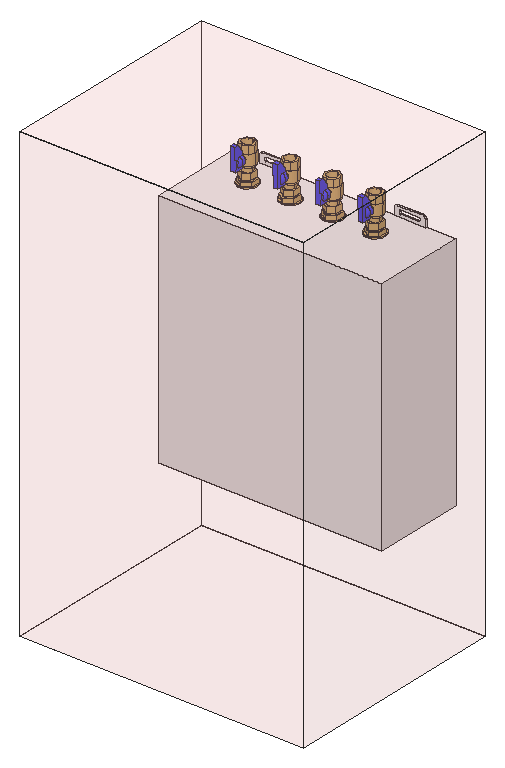
Revit family "MEP_HeatingInterface_FlamcoLtd_A1CIU_3-12KW", category Plumbing Fixtures, Revit 2016
Family settings
  Part Type = Normal
  Round Connector Dimension = Use Diameter
  Work Plane-Based = No
  Always vertical = Yes
  Cut with Voids When Loaded = No
  Shared = No
  Room Calculation Point = No
Parameters (values of type "A1CIU SP CIU 12Kw nom c/w case. BPCM")
  SpareParts = "https://flamcogroup.com/uk-en/page/service-support/meibes-spare-parts"
  ReturnTemperatureLimiter = "N/A"
  PressureIndependentControlValve = "NexusValve Vivax (min. p = 30 kPa) with thermo-electrical actuator (on/off)"
  PowerConsumption = 0 W
  PNRating = "PN10 (PN16 on request)"
  OverPressureReliefValveWithPressureGauge = "3 bar, secondary circuit"
  MinFlowRateToActicvateDomesticFlowSensor = 0 mm
  MaximumPercentageOfGlycol = "Refer to Flamco Technical Support For More Information +44 1744 744 744"
  InOutDepth = 40.5 mm
  InOut6 = 190 mm
  InOut5 = 160 mm
  InOut4 = 40 mm
  InOut3 = 50 mm
  InOut2 = 80 mm
  InOut1 = 200 mm
  Fix = 200 mm
  ElectronicControllerFrequency = "50hz"
  ElectricControllerSupply = "230v"
  ElecConPos = 200 mm
  ElecConDepth = 73 mm
  DutySecondaryCoolingReturnTemperature = "12 … 16 ºC"
  DutySecondaryCoolingFlowTemperature = "8 … 10ºC"
  DutySecondaryCoolingFlowRateRange = "700 … 2300 L/Hour"
  DrainPos = 255 mm
  DrainDepth = 70 mm
  d = 31.8 mm
  ZoneValve = "Fitted on primary pipework to control space cooling\r\ncooling interface unit providing cooling only)\""
  WarrantyStartDate = "Record on Commissioning"
  WarrantyGuarantorParts = "Flamco Ltd"
  WarrantyGuarantorLabour = "Flamco Ltd"
  WarrantyDurationUnit = "2 years"
  WarrantyDurationParts = "2 years"
  WarrantyDurationLabour = "2 years"
  WarrantyDescription = "https://flamcogroup.com/ex-en/page/terms-and-conditions"
  Version = "1"
  Uniclass2015Reference = "Ss_75_70_52_17"
  Uniclass2015Description = "Cooling system control systems"
  Under Floor heating Capability = yes
  Type Comments = "AI-GB00129"
  Type = "Cooling Interface Unit for indirect comfort cooling"
  TestPoints = "Fitted on primary flow and return"
  TagNumber = "Record on Commissioning"
  SustainabilityPerformance = "N/A"
  Strainer = "On primary Flow and secondary return"
  SolenoidValve(Optional) = "Primary Only"
  Size(WxDxH_Height_of_the_case) = "629 x 263 x 675mm"
  Size = "629 x 263 x 675"
  Shape = "cuboid"
  ServiceLifeDuration = "Record on Commissioning"
  SerialNumber = "Record on Commissioning"
  SensorPockets = "Primary flow and return for heat meter"
  SecondaryFluid = "Low pressure cold water"
  SecondaryCirculationPump = "N/A"
  ReturnWaterTemperatureCooling = "Dependent on flow temperature (refer to graphs in chapter 3 Technical Data V5)"
  ReplacementCost = "N/A"
  ReferenceStandard = "N/A"
  ProductionYear = "Record on Installation"
  ProductCode = "AI-GB00129"
  Process = "Heat distribution"
  PrimaryFluid = "Low pressure cold water"
  Pressure(MinimumSupplyWaterPressure) = "1 bar (Maximum PN10)"
  URL = "https://flamcogroup.com/uk-en/catalog/distribution-technology-by-meibes/district-heating-equipment/meibes-ciu-indirect-units-for-cooling/logocool-3-6-12-kw/groups/g+c+p+a+view"
  PlateHeatExchanger = "Stainless steel plate heat exchanger"
  Pipework = "Insulated flexible stainless steel with brass fittings"
  PatternNumber = "A1CIU SP CIU 12Kw nom c/w case. BPCM"
  PartNumber = "AI-GB00129"
  PackagingContent = "N/A"
  PEDCategory = "N/A"
  Output Range (P1, selectable) = "5 … 16 kW"
  NominalWidth = 630 mm
  NominalLength = 630 mm
  NominalHeight = 675 mm
  NominalDepth = 260 mm
  Name = "A1CIU SP CIU 12Kw nom c/w case. BPCM"
  NLRS_S_gewicht_bruto = 0.00 kg
  NLRS_P_volumestroom = 0.0 L/s
  NLRS_C_type_comments = "N/A"
  NLRS_C_revit_versie = "2016"
  NLRS_C_model = "N/A"
  NLRS_C_description = "N/A"
  NLRS_C_content_versie = "1"
  NLRS_C_content_datum_uitgifte = "N/A"
  NLRS_C_content_datum_gewijzigd = "N/A"
  NLRS_C_content_creator = "Alus Services Ltd"
  NLRS_C_code_leverancier_artikel = "N/A"
  NLRS_C_code_gtin = "N/A"
  NLRS_C_code_fabrikant_product = "N/A"
  NLRS_C_code_fabrikant_gln = "N/A"
  NLRS_C_code_SfB_tabel1 = "N/A"
  NLRS_C_code_ETIM_url = "N/A"
  NLRS_C_code_ETIM = "N/A"
  NLRS_C_code_CBNL_URL = "N/A"
  NLRS_C_code_CBNL = "N/A"
  NBSReference = "N/A"
  NBSOfficeMasterTag = "N/A"
  NBSObjectName = "N/A"
  NBSNote = "N/A"
  NBSDescription = "N/A"
  Mounting = "Wall Mounted"
  ModelReference = "A1CIU SP CIU 12Kw nom c/w case. BPCM"
  ModelNumber = "AI-GB00129"
  Model = "A1CIU SP CIU 12Kw nom c/w case. BPCM"
  MinTemperaturePrimary = 5 °C
  MinTemperature = "-15"
  MinPressure = "1 BAR"
  MinDifferentialPressure = 30000.0 Pa
  MaximumSecondaryPressure = "PN10 (restricted to 3 bar by over pressure relief valve)"
  MaximumPrimaryPressure = "PN10 (PN16 on request)"
  MaxTemperaturePrimary = 9 °C
  MaxTemperature = "N/A"
  MaxPressure@Maxtemperature = "PN10 (PN16 on request)"
  MaxPressure = 30000.0 Pa
  MaxDifferentialPressure = 400000.0 Pa
  Max Flow = 0.33 L/s
  Material = "Insulated flexible stainless steel with brass fittings"
  ManufacturingAddress = "Flamco UK Ltd, Washway Lane, St Helens, WA10 6PB"
  ManufacturerName = "Flamco Limited"
  Manufacturer = "Flamco Limited"
  Maintenance = "Annual Inspection"
  LossFactor = 0
  LifeCyclePhase = "N/A"
  InstallationDate = "Record On Installation"
  IfcExportType = "IfcHeatExchangerType"
  IfcExportAs = "IfcEnergyConversionDevice"
  HeatTransferCapacity = "18kW @ 30K ΔT (10kW@20K ΔT)"
  HeatMeter = "Optional - Rossweiner HeatSonic, Mains powered, M-Bus interface (Cooling Mode)"
  Grade = "N/A"
  FluidTemperatureReturn = "Dependent on flow temperature (refer to graphs in chapter 3 Technical Data V5)"
  FluidTemperatureFlow = "5 … 9ºC"
  FlowRateRange = "850 … 2050 L/Hour"
  Finish = "N/A"
  FilledWeight = "N/A"
  Features = "Small dimensions, Sealed case (vapour proof) - including all external connections - to avoid condensation, 30mm internal insulation, Successfully tested at room temperatures >30°C and up to 90% humidity, Supplied with silica gel pads to collect any condensation that occurs after commissioning or inspection, Selectable duty offering a range of different outputs, easy to setup, Case with lift-off latches making it easy to open in confined spaces, Top entry connections, Stainless steel expansion vessel (secondary circuit), Ultrasonic heat meter (cooling mode) with M-Bus connectivity, A-rated circulation pump (secondary circuit"
  ExternalConnections = "Female 1\" threaded"
  ExpectedLife = "Record on installation"
  ExpansionVessel = "2 Litre Fitted in secondary flow"
  EnvironmentalProductDeclaration = "N/A"
  EmbodiedCarbon = "N/A"
  EANCode = "4016715036322"
  DurationUnit = "Record on installation"
  DryWeight = "N/A"
  DocumentationTechnical = "N/A"
  DocumentationMaintenance = "N/A"
  DocumentationLiterature = "N/A"
  DocumentationInstallationGuide = "N/A"
  DocumentationCertificates = "N/A"
  Description = "A1CIU SP CIU 12Kw nom c/w case. BPCM"
  CreatedOn = "16/05/18"
  CreatedBy = "Alus Services Ltd"
  Cooling System = "2 pipe flow"
  Controls = "External"
  Constituents = "N/A"
  ConnectionType = "Female 1\" threaded"
  Component_Material = "STAINLESS STEEL WITH BRASS FITINGS"
  Color = "White"
  CodePerformance = "N/A"
  ClearanceZone = yes
  ClearanceTB = "300mm"
  Category = "HVAC"
  CasingMaterial = "Sheet Steel"
  CasingFinish = "White powder coated sheet steel"
  BarCode = "4016715036322"
  clearance = 300 mm
  BIMObjectName = "MEP_HeatingInterface_FlamcoLtd_A1CIU_3-12KW"
  AssetType = "Fixed"
  AssetIdentifier [instance] = "Record on commissioning"
  Assembly Code = "D3040500"
  Approvals = "WRAS, CE"
  Application fluids = "Low pressure cold water"
  AirVents = "Fitted"
  6kWText = no
  3kWText = no
  12kWText = yes
Types (3, lengths in mm): name | PressureIndependentControlValve | DutySecondaryCoolingFlowRateRange | DrainPos | DrainDepth | ZoneValve | Type Comments | ProductCode | PatternNumber | PartNumber | Output Range (P1, selectable) | Name | ModelReference | ModelNumber | Model | FlowRateRange | Features | EANCode | Description | BarCode | 6kWText | 3kWText | 12kWText
  A1CIU SP CIU 6Kw nominal  c/w case BPCM | "NexusValve Vivax  (min. p = 30 kPa) with thermo-electrical actuator (on/off)" | "250 ... 1730 L/Hour" | 233 | 40.5 | "\"Fitted on primary pipework to control space cooling\r\ncooling interface unit providing cooling only)\"" | "AI-GB00130" | "AI-GB00130" | "A1CIU SP CIU 6Kw nominal  c/w case BPCM" | "AI-GB00130" | "2 … 12 kW" | "A1CIU SP CIU 6Kw nominal  c/w case BPCM" | "A1CIU SP CIU 6Kw nominal  c/w case BPCM" | "AI-GB00130" | "A1CIU SP CIU 6Kw nominal  c/w case BPCM" | "450 … 1150 L/Hour" | "Small dimensions, Sealed case (vapour proof) - including all external connections - to avoid condensation, 30mm internal insulation, Successfully tested at room temperatures >30°C and up to 90% humidity, Supplied with silica gel pads to collect any condensation that occurs after commissioning or inspection, Selectable duty offering a range of different outputs, easy to setup, Case with lift-off latches making it easy to open in confined spaces, Top entry connections, Stainless steel expansion vessel (secondary circuit), Ultrasonic heat meter (cooling mode) with M-Bus connectivity, A-rated circulation pump (secondary circuit)" | "4016715028426" | "A1CIU SP CIU 6Kw nominal  c/w case BPCM" | "4016715028426" | yes | no | no
  A1CIU SP CIU 12Kw nom c/w case. BPCM | "NexusValve Vivax (min. p = 30 kPa) with thermo-electrical actuator (on/off)" | "700 … 2300 L/Hour" | 255 | 70 | "Fitted on primary pipework to control space cooling\r\ncooling interface unit providing cooling only)\"" | "AI-GB00129" | "AI-GB00129" | "A1CIU SP CIU 12Kw nom c/w case. BPCM" | "AI-GB00129" | "5 … 16 kW" | "A1CIU SP CIU 12Kw nom c/w case. BPCM" | "A1CIU SP CIU 12Kw nom c/w case. BPCM" | "AI-GB00129" | "A1CIU SP CIU 12Kw nom c/w case. BPCM" | "850 … 2050 L/Hour" | "Small dimensions, Sealed case (vapour proof) - including all external connections - to avoid condensation, 30mm internal insulation, Successfully tested at room temperatures >30°C and up to 90% humidity, Supplied with silica gel pads to collect any condensation that occurs after commissioning or inspection, Selectable duty offering a range of different outputs, easy to setup, Case with lift-off latches making it easy to open in confined spaces, Top entry connections, Stainless steel expansion vessel (secondary circuit), Ultrasonic heat meter (cooling mode) with M-Bus connectivity, A-rated circulation pump (secondary circuit" | "4016715036322" | "A1CIU SP CIU 12Kw nom c/w case. BPCM" | "4016715036322" | no | no | yes
  A1CIU SP CIU 3Kw nominal  c/w case BPCM | "NexusValve Vivax (min. p = 30 kPa) with thermo-electrical actuator (on/off)" | "100 ... 800 L/Hour" | 233 | 40.5 | "Fitted on primary pipework to control space cooling\r\ncooling interface unit providing cooling only)\"" | "AI-GB00131" | "AI-GB00131" | "A1CIU SP CIU 3Kw nominal  c/w case BPCM" | "AI-GB00131" | "1 … 5 kW" | "A1CIU SP CIU 3Kw nominal  c/w case BPCM" | "A1CIU SP CIU 3Kw nominal  c/w case BPCM" | "AI-GB00131" | "A1CIU SP CIU 3Kw nominal  c/w case BPCM" | "100 … 450 L/Hour" | "Small dimensions, Sealed case (vapour proof) - including all external connections - to avoid condensation, 30mm internal insulation, Successfully tested at room temperatures >30°C and up to 90% humidity, Supplied with silica gel pads to collect any condensation that occurs after commissioning or inspection, Selectable duty offering a range of different outputs, easy to setup, Case with lift-off latches making it easy to open in confined spaces, Top entry connections, Stainless steel expansion vessel (secondary circuit), Ultrasonic heat meter (cooling mode) with M-Bus connectivity, A-rated circulation pump (secondary circuit" | "4016715060174" | "A1CIU SP CIU 3Kw nominal  c/w case BPCM" | "4016715060174" | no | yes | no
Reference planes
  plane 1 "Center (Front/Back)": y = 0
  plane 2 "ref": z = 0
  plane 3 "Center (Left/Right)": x = 0
  plane 4: y = 14
  plane 5: y = -330
  plane 6 "casemiddle": z = 520
  plane 7 "casetop": z = 675
  plane 8: x = 315
  plane 9: x = -315
  plane 10 "IDENT": y = 130
  plane 11 "hiu_front": y = -130
  plane 12: x = 40
  plane 13: y = 40.5
  plane 14 "system_connection": z = -2
  plane 15: x = -145
  plane 16: x = -80
  plane 17: x = -200
  plane 18: x = 160
  plane 19 "valve_con": z = 778
  plane 20 "elec_cons": z = -45
  plane 21: x = -235.049
  plane 22: z = 703.5
  plane 23: x = -187.574
  plane 24: z = 689.2
  plane 25: z = 695.2
  plane 26: z = 683.2
  plane 27: x = -159
  plane 28: x = -221.049
  plane 29: x = -215.049
  plane 30: x = -165
  plane 31: x = 235
  plane 32: z = 689.2
  plane 33: z = 695.2
  plane 34: z = 683.2
  plane 35: x = 221
  plane 36: x = 158.951
  plane 37: x = 164.951
  plane 38: x = 215
Forms (mm)
  Extrusion 1, solid, material "Clearance Zone", visible <- "ClearanceZone", detail levels fine
    sketch origin (0, 375.889, 1767) x (0, 1, 0) y (0, 0, 1)
      loop
        line (-888.389, -792) -> (-888.389, -2069) -> (-245.889, -2069) -> (-245.889, -792) -> (-888.389, -792)
    from -400 to 400
  Extrusion 2, solid, material "Flamco Body White", detail levels medium+fine
    sketch origin (15.251, 39.905, 120) x (-1, 0, 0) y (0, -1, 0)
      loop
        line (330.251, -90.095) -> (330.251, 169.905) -> (-299.749, 169.905) -> (-299.749, -90.095) -> (330.251, -90.095)
    from -120 to 555
  Extrusion 3, solid, material "Flamco Body White", detail levels medium+fine
    sketch origin (0, 130, 0) x (-1, 0, 0) y (0, 0, 1)
      loop
        line (225.049, 703.5) -> (155, 703.5)
        arc (155, 703.5) -> (147.929, 700.571) -> (145, 693.5) r 10
        line (145, 693.5) -> (145, 675) -> (235.049, 675) -> (235.049, 693.5)
        arc (235.049, 693.5) -> (232.12, 700.571) -> (225.049, 703.5) r 10
      loop
        arc (165, 695.2) -> (159, 689.2) -> (165, 683.2) r 6
        line (165, 683.2) -> (215.049, 683.2)
        arc (215.049, 683.2) -> (221.049, 689.2) -> (215.049, 695.2) r 6
        line (215.049, 695.2) -> (165, 695.2)
    from 0 to -3
  Extrusion 4, solid, material "Flamco Body White", detail levels medium+fine
    sketch origin (380, 130, 0) x (-1, 0, 0) y (0, 0, 1)
      loop
        line (225.049, 703.5) -> (157, 703.5)
        arc (157, 703.5) -> (149.929, 700.571) -> (147, 693.5) r 10
        line (147, 693.5) -> (147, 675) -> (235.049, 675) -> (235.049, 693.5)
        arc (235.049, 693.5) -> (232.12, 700.571) -> (225.049, 703.5) r 10
      loop
        arc (165, 695.2) -> (159, 689.2) -> (165, 683.2) r 6
        line (165, 683.2) -> (215.049, 683.2)
        arc (215.049, 683.2) -> (221.049, 689.2) -> (215.049, 695.2) r 6
        line (215.049, 695.2) -> (165, 695.2)
    from 0 to -3
Lines and regions (mm)
  model lines
    curve 1: line (-315, 130, 675) -> (315, 130, 675)
    curve 2: line (-315, 130, -0.309) -> (-315, 130, 675)
    curve 3: line (315, 130, -0.309) -> (-315, 130, -0.309)
    curve 4: line (315, 130, 675) -> (315, 130, -0.309)
    curve 9: line (-197.991, 130, -45) -> (-197.991, 130, 0)
    curve 10: line (-202.053, 130, -45) -> (-202.053, 130, -0.309)
    curve 11: line (233, 130, -27) -> (233, 130, -0.309)
  model lines, detail levels coarse
    curve 5: line (-200, 130, 778) -> (-200, 130, 675)
    curve 6: line (-80, 130, 778) -> (-80, 130, 675)
    curve 7: line (40, 130, 778) -> (40, 130, 675)
    curve 8: line (160, 130, 778) -> (160, 130, 675)
Dimensions and locks
  equal spacing: plane 10 "IDENT", plane 1 "Center (Front/Back)", plane 11 "hiu_front"
  "NominalDepth": plane 10 "IDENT" to plane 11 "hiu_front"
  equal spacing: plane 9, plane 3 "Center (Left/Right)", plane 8
  "NominalWidth": plane 9 to plane 8
  plane 3 "Center (Left/Right)" to plane 12 to plane 8 = 40 mm, 275 mm
  "clearance": Extrusion 1 to plane 14 "system_connection"
  plane 10 "IDENT" to Extrusion 1 = 642.5 mm
  "clearance": plane 14 "system_connection" to Extrusion 1
  "NominalHeight": plane 7 "casetop" to plane 2 "ref"
  "InOutDepth": plane 1 "Center (Front/Back)" to plane 13
  "InOut1": plane 17 to plane 3 "Center (Left/Right)"
  "NominalHeight": nested 1 to level
  "NominalHeight": nested 2 to level
  "NominalHeight": nested 3 to level
  "NominalHeight": nested 4 to level
  "InOut5": plane 3 "Center (Left/Right)" to nested 4  (x2)
  "InOut2": nested 2 to plane 3 "Center (Left/Right)"  (x2)
  "InOut4": plane 3 "Center (Left/Right)" to nested 3
  "InOut1": nested 1 to plane 3 "Center (Left/Right)"
  "DrainDepth": plane 1 "Center (Front/Back)" to nested 6
  "DrainPos": plane 3 "Center (Left/Right)" to nested 6
  "ElecConPos": nested 5 to plane 3 "Center (Left/Right)"
  "ElecConDepth": nested 5 to plane 1 "Center (Front/Back)"
  "ElecConDepth": connector elem to plane 1 "Center (Front/Back)"  (x2)
  plane 3 "Center (Left/Right)" to Extrusion 1 = 400 mm
  Extrusion 1 to plane 3 "Center (Left/Right)" = 400 mm
  Extrusion 2 to plane 3 "Center (Left/Right)" = 315 mm
  "InOut5": connector elem to plane 3 "Center (Left/Right)"
  "InOut4": connector elem to plane 3 "Center (Left/Right)"
  "InOut2": plane 3 "Center (Left/Right)" to connector elem
  "InOut1": connector elem to plane 3 "Center (Left/Right)"
  "InOutDepth": plane 1 "Center (Front/Back)" to nested 1
  "InOutDepth": connector elem to plane 1 "Center (Front/Back)"  (x4)
  "InOutDepth": nested 2 to plane 1 "Center (Front/Back)"
  "InOutDepth": plane 1 "Center (Front/Back)" to nested 3
  "InOutDepth": plane 1 "Center (Front/Back)" to nested 4
  "clearance": Extrusion 1 to Extrusion 2
  aligned and locked: level to plane 2 "ref"
  aligned and locked: plane 7 "casetop" to curve 1
  aligned and locked: Extrusion 2 to curve 4
  aligned and locked: plane 22 to Extrusion 3 sketch curve
  aligned and locked: Extrusion 3 sketch curve to plane 21
  aligned and locked: Extrusion 3 sketch curve to plane 7 "casetop"
  aligned and locked: plane 15 to Extrusion 3 sketch curve
  aligned and locked: curve 6 to nested 2
  aligned and locked: curve 2 to plane 9
Automatic sketch dimensions
  plane 5 to Extrusion 1 sketch curve = 182.5 mm
  plane 10 "IDENT" to Extrusion 1 sketch curve = 0 mm
  Extrusion 1 sketch curve to plane 20 "elec_cons" = 257 mm
  plane 19 "valve_con" to Extrusion 1 sketch curve = 197 mm
  Extrusion 2 sketch curve to plane 8 = 0 mm
  Extrusion 2 sketch curve to plane 9 = 0 mm
  Extrusion 2 sketch curve to plane 10 "IDENT" = 0 mm
  Extrusion 2 sketch curve to plane 11 "hiu_front" = 0 mm
  Extrusion 4 sketch curve to plane 7 "casetop" = 0 mm
  Extrusion 4 sketch curve to plane 22 = 0 mm
  Extrusion 4 sketch curve to plane 33 = 0 mm
  Extrusion 4 sketch curve to plane 38 = 0 mm
  Extrusion 4 sketch curve to plane 34 = 0 mm
  Extrusion 4 sketch curve to plane 37 = 0 mm
  Extrusion 4 sketch curve to plane 31 = 2 mm
  Extrusion 4 sketch curve to plane 33 = 1.7 mm  (x2)
  Extrusion 4 sketch curve to plane 36 = 4 mm
  Extrusion 3 sketch curve to plane 25 = 0 mm
  Extrusion 3 sketch curve to plane 30 = 0 mm
  Extrusion 3 sketch curve to plane 26 = 0 mm
  Extrusion 3 sketch curve to plane 29 = 0 mm
  Extrusion 3 sketch curve to plane 25 = 1.7 mm  (x2)
  curve 8 to plane 18 = 0 mm
  curve 7 to plane 12 = 0 mm
  curve 9 to level = 0 mm
  curve 9 to plane 20 "elec_cons" = 0 mm
  curve 5 to plane 17 = 0 mm
  curve 10 to plane 20 "elec_cons" = 0 mm
  curve 6 to plane 19 "valve_con" = 0 mm
  curve 5 to plane 19 "valve_con" = 0 mm
  curve 7 to plane 19 "valve_con" = 0 mm
  curve 8 to plane 19 "valve_con" = 0 mm
  curve 11 to level = 0.309 mm
  curve 11 to plane 31 = 2 mm
  plane 17 to curve 9 = 2.009 mm
  curve 10 to plane 17 = 2.053 mm
  plane 20 "elec_cons" to curve 11 = 18 mm
Nested families
  nested 1: "cooling_valve" at (-200, 40.5, 675), type "cooling_valve", detail levels medium+fine
  nested 2: "cooling_valve" at (-80, 40.5, 675), type "cooling_valve", detail levels medium+fine
  nested 3: "cooling_valve" at (40, 40.5, 675), type "cooling_valve", detail levels medium+fine
  nested 4: "cooling_valve" at (160, 40.5, 675), type "cooling_valve", detail levels medium+fine
  nested 5: "cooling_elec" at (-200, 73, 0), type "cooling_elec", detail levels medium+fine
  nested 6: "cooling_drain" at (255, 70, 0), type "cooling_drain", detail levels medium+fine
Connectors
  piping at (40, 40.5, 778), diameter 30.3
    settings: index 1, connector inside diameter 609.6 mm, connector length 0 mm, flow factor 0, pipe flow 0.0 L/s, pressure drop 0.0 Pa, fitting loss kfactor 0, connector angle 0.00°, fixture units 0, engagement length 0 mm, angle of deflection 0.00°, flow configuration 0, flow direction 0, fitting loss method 0, system type 7, joint type 0, gender type 0, connector reference index -1, connector utility 0, adjustable connector no, is connector primary yes, connector description ""
  piping at (160, 40.5, 778), diameter 30.3
    settings: index 2, connector inside diameter 609.6 mm, connector length 0 mm, flow factor 0, pipe flow 0.0 L/s, pressure drop 0.0 Pa, fitting loss kfactor 0, connector angle 0.00°, fixture units 0, engagement length 0 mm, angle of deflection 0.00°, flow configuration 0, flow direction 0, fitting loss method 0, system type 7, joint type 0, gender type 0, connector reference index -1, connector utility 0, adjustable connector no, is connector primary no, connector description ""
  piping at (-80, 40.5, 778), diameter 30.3
    settings: index 3, connector inside diameter 609.6 mm, connector length 0 mm, flow factor 0, pipe flow 0.0 L/s, pressure drop 0.0 Pa, fitting loss kfactor 0, connector angle 0.00°, fixture units 0, engagement length 0 mm, angle of deflection 0.00°, flow configuration 0, flow direction 0, fitting loss method 0, system type 7, joint type 0, gender type 0, connector reference index -1, connector utility 0, adjustable connector no, is connector primary no, connector description ""
  piping at (-200, 40.5, 778), diameter 30.3
    settings: index 4, connector inside diameter 609.6 mm, connector length 0 mm, flow factor 0, pipe flow 0.0 L/s, pressure drop 0.0 Pa, fitting loss kfactor 0, connector angle 0.00°, fixture units 0, engagement length 0 mm, angle of deflection 0.00°, flow configuration 0, flow direction 0, fitting loss method 0, system type 7, joint type 0, gender type 0, connector reference index -1, connector utility 0, adjustable connector no, is connector primary no, connector description ""
  piping at (255, 70, -27), diameter 30.3
    settings: on nested 6, index 5, connector inside diameter 609.6 mm, connector length 0 mm, flow factor 0, pipe flow 0.0 L/s, pressure drop 0.0 Pa, fitting loss kfactor 0, connector angle 0.00°, fixture units 0, engagement length 0 mm, angle of deflection 0.00°, flow configuration 0, flow direction 0, fitting loss method 0, system type 7, joint type 0, gender type 0, connector reference index -1, connector utility 0, adjustable connector no, is connector primary no, connector description ""
  electrical at (-202, 73, -45)
    settings: index 6, voltage 0 V, apparent load 0 VA, apparent load phase1 0 VA, apparent load phase2 0 VA, apparent load phase3 0 VA, power factor 1, load classification "Other", number of poles 1, system type 30, power factor state 1, is connector primary yes, connector utility no, sub classification motor no, connector description ""
  electrical at (-198, 73, -45)
    settings: index 7, voltage 0 V, apparent load 0 VA, apparent load phase1 0 VA, apparent load phase2 0 VA, apparent load phase3 0 VA, power factor 1, load classification "Other", number of poles 1, system type 14, power factor state 1, is connector primary no, connector utility no, sub classification motor no, connector description ""
Definition of nested family "cooling_valve"
  Parameters (values of type "cooling_valve")
    flange = 56 mm
    dia4 = 44 mm
    dia3 = 27.5 mm
    dia2 = 33.3 mm
    d5 = 30.3 mm
    a/f4 = 39 mm
    a/f3 = 38 mm
    a/f2 = 37 mm
    a/f1 = 42 mm
  Reference planes
    plane 1 "Center (Front/Back)": y = 0
    plane 2: z = 0
    plane 3 "Center (Left/Right)": x = 0
    plane 4: x = 21
    plane 5: through (-17.321, 10, 1200) normal (0.5, 0.866, 0)
    plane 6: through (17.321, 10, 1200) normal (0.5, -0.866, 0)
    plane 7: x = 0
    plane 8: through (-30.311, 17.5, 1200) normal (0.5, 0.866, 0)
    plane 9: through (30.311, 17.5, 1200) normal (0.5, -0.866, 0)
    plane 10: x = 0
    plane 11: through (-7.47, 18.035, 1200) normal (0.9239, 0.3827, 0)
    plane 12: through (-7.47, -18.035, 1200) normal (-0.9239, 0.3827, 0)
    plane 13: through (-18.035, 7.47, 1200) normal (0.3827, 0.9239, 0)
    plane 14: through (18.035, 7.47, 1200) normal (0.3827, -0.9239, 0)
    plane 15: through (-12.753, 12.753, 1200) normal (0.7071, 0.7071, 0)
    plane 16: through (12.753, 12.753, 1200) normal (0.7071, -0.7071, 0)
    plane 17: through (-6.718, 16.218, 1200) normal (0.9239, 0.3827, 0)
    plane 18: through (16.218, 6.718, 1200) normal (0.3827, -0.9239, 0)
    plane 19: through (-16.218, 6.718, 1200) normal (0.3827, 0.9239, 0)
    plane 20: through (6.718, 16.218, 1200) normal (0.9239, -0.3827, 0)
    plane 21: z = 70.5
    plane 22: z = 79.5
    plane 23: y = 43.5
    plane 24: y = 27.5
    plane 25: z = 85.5
    plane 26: z = 47
    plane 27: z = 28.5
    plane 28: z = 112.5
    plane 29: z = 94
    plane 30: z = 47
    plane 31: z = 49.5
    plane 32 "valve_top": z = 103
    plane 33: y = -43.5
    plane 34: y = -27.5
    plane 35: y = -50.8
    plane 36: y = -40.8
    plane 37: y = -52.5
  Forms (mm)
    Extrusion 1, solid
      sketch origin (0, 0, 0) x (1, 0, 0) y (0, 1, 0)
        loop
          circle (0, 0) r 28
      from 0 to 1
    Extrusion 2, solid
      sketch origin (0, 0, 0) x (1, 0, 0) y (0, 1, 0)
        loop
          line (0, 24.249) -> (-21, 12.124) -> (-21, -12.124) -> (0, -24.249) -> (21, -12.124) -> (21, 12.124) -> (0, 24.249)
      from 12 to 1
    Extrusion 3, solid
      sketch origin (0, 0, 0) x (1, 0, 0) y (0, 1, 0)
        loop
          circle (0, 0) r 16.65
      from 12 to 17
    Extrusion 4, solid
      sketch origin (0, 0, 0) x (1, 0, 0) y (0, 1, 0)
        loop
          line (0, 21.362) -> (-18.5, 10.681) -> (-18.5, -10.681) -> (0, -21.362) -> (18.5, -10.681) -> (18.5, 10.681) -> (0, 21.362)
      from 17 to 33
    Extrusion 5, solid
      sketch origin (0, 0, 0) x (1, 0, 0) y (0, 1, 0)
        loop
          circle (0, 0) r 13.75
      from 47 to 33
    Extrusion 6, solid
      sketch origin (0, 0, 0) x (1, 0, 0) y (0, 1, 0)
        loop
          line (19, 7.87) -> (7.87, 19) -> (-7.87, 19) -> (-19, 7.87) -> (-19, -7.87) -> (-7.87, -19) -> (7.87, -19) -> (19, -7.87) -> (19, 7.87)
      from 47 to 53
    Extrusion 7, solid
      sketch origin (0, 0, 0) x (1, 0, 0) y (0, 1, 0)
        loop
          circle (0, 0) r 22
      from 53 to 82
    Extrusion 8, solid
      sketch origin (0, 0, 0) x (1, 0, 0) y (0, 1, 0)
        loop
          line (0, 21.107) -> (-14.925, 14.925) -> (-21.107, 0) -> (-14.925, -14.925) -> (0, -21.107) -> (14.925, -14.925) -> (21.107, 0) -> (14.925, 14.925) -> (0, 21.107)
      from 82 to 103
    Revolve 9, solid, detail levels medium+fine
      sketch origin (0, 0, 0) x (0, -1, 0) y (0, 0, 1)
        loop
          line (37.5, 85.5) -> (27.5, 85.5) -> (27.5, 70.5) -> (43.5, 70.5) -> (43.5, 79.5)
          arc (43.5, 79.5) -> (41.743, 83.743) -> (37.5, 85.5) r 6
        axis (43.5, 70.5) -> (27.5, 70.5)
      angle from 0 to 360
    Extrusion 10, solid
      sketch origin (0, 0, 0) x (0, -1, 0) y (0, 0, -1)
        loop
          line (27.5, -49.5) -> (27.5, -94) -> (40.8, -112.5) -> (52.5, -112.5) -> (50.8, -49.5) -> (27.5, -49.5)
      from 6 to -6
    Revolve 11, solid
      sketch origin (0, 0, 0) x (0, 1, 0) y (0, 0, 1)
        loop
          line (-17.976, 79.5) -> (-27.5, 79.5) -> (-27.5, 70.5) -> (-17.976, 70.5) -> (-17.976, 79.5)
        axis (-17.976, 70.5) -> (-27.5, 70.5)
      angle from 0 to 360
    Extrusion 12, void
      sketch origin (-125.34, -1524, 103) x (0, -1, 0) y (-1, 0, 0)
        loop
          circle (-1524, -125.34) r 15.15
      from 89 to 103
    Extrusion 13, void
      sketch origin (-125.34, -1524, 103) x (0, -1, 0) y (-1, 0, 0)
        loop
          circle (-1524, -125.34) r 15.15
      from 0 to 15
  Cuts and joins
    Extrusion 12 cuts Extrusion 1
    Extrusion 12 cuts Extrusion 2
    Extrusion 12 cuts Extrusion 3
    Extrusion 13 cuts Extrusion 8
  Dimensions and locks
    equal spacing: Extrusion 2 sketch curve, plane 6, Extrusion 2 sketch curve
    "a/f1": Extrusion 2 sketch curve to Extrusion 2 sketch curve  (x3)
    equal spacing: Extrusion 2 sketch curve, plane 5, Extrusion 2 sketch curve
    equal spacing: Extrusion 2 sketch curve, plane 7, Extrusion 2 sketch curve
    equal spacing: Extrusion 4 sketch curve, plane 9, Extrusion 4 sketch curve
    "a/f2": Extrusion 4 sketch curve to Extrusion 4 sketch curve  (x3)
    equal spacing: Extrusion 4 sketch curve, plane 8, Extrusion 4 sketch curve
    equal spacing: Extrusion 4 sketch curve, plane 10, Extrusion 4 sketch curve
    equal spacing: Extrusion 6 sketch curve, plane 3 "Center (Left/Right)", Extrusion 6 sketch curve
    "a/f3": Extrusion 6 sketch curve to Extrusion 6 sketch curve  (x4)
    equal spacing: Extrusion 6 sketch curve, plane 1 "Center (Front/Back)", Extrusion 6 sketch curve
    equal spacing: Extrusion 6 sketch curve, plane 16, Extrusion 6 sketch curve
    equal spacing: Extrusion 6 sketch curve, plane 15, Extrusion 6 sketch curve
    equal spacing: Extrusion 8 sketch curve, plane 17, Extrusion 8 sketch curve
    "a/f4": Extrusion 8 sketch curve to Extrusion 8 sketch curve  (x4)
    equal spacing: Extrusion 8 sketch curve, plane 20, Extrusion 8 sketch curve
    equal spacing: Extrusion 8 sketch curve, plane 18, Extrusion 8 sketch curve
    equal spacing: Extrusion 8 sketch curve, plane 19, Extrusion 8 sketch curve
    "flange": diameter of Extrusion 1 sketch curve
    "dia2": diameter of Extrusion 3 sketch curve
    "dia3": diameter of Extrusion 5 sketch curve
    "dia4": diameter of Extrusion 7 sketch curve
    "d5": diameter of Extrusion 12 sketch curve
    aligned and locked: level to plane 2
    aligned and locked: plane 3 "Center (Left/Right)" to plane 7
    aligned and locked: plane 3 "Center (Left/Right)" to plane 10
    aligned and locked: plane 33 to Revolve 9 sketch curve
    aligned and locked: Revolve 9 sketch curve to Revolve 9 sketch curve  (x2)
    aligned and locked: plane 22 to Revolve 11 sketch curve
    aligned and locked: Revolve 11 sketch curve to plane 21
    aligned and locked: Revolve 9 to Revolve 11 sketch curve
    aligned and locked: Revolve 11 sketch curve to Revolve 11 sketch curve
  Automatic sketch dimensions
    Revolve 9 sketch curve to plane 21 = 0 mm
    Revolve 9 sketch curve to plane 34 = 0 mm
    Revolve 9 sketch curve to plane 22 = 0 mm
    Revolve 9 sketch curve to plane 25 = 0 mm
    Revolve 9 sketch curve to plane 1 "Center (Front/Back)" = 11.513 mm
    Extrusion 10 sketch curve to plane 31 = 0 mm
    Extrusion 10 sketch curve to plane 34 = 0 mm
    Extrusion 10 sketch curve to plane 28 = 0 mm
    Extrusion 10 sketch curve to plane 36 = 0 mm
    Extrusion 10 sketch curve to plane 35 = 0 mm
    Extrusion 10 sketch curve to plane 29 = 0 mm
    plane 35 to Extrusion 10 sketch curve = 1.7 mm
    Revolve 11 sketch curve to Revolve 11 sketch curve = 9.524 mm
    Revolve 11 sketch curve to plane 34 = 5.133 mm
    Revolve 11 sketch curve to Revolve 11 sketch curve = 4.153 mm
    plane 1 "Center (Front/Back)" to Extrusion 13 sketch curve = 0 mm
    Extrusion 13 sketch curve to plane 3 "Center (Left/Right)" = 0 mm
    plane 1 "Center (Front/Back)" to Extrusion 1 sketch curve = 0 mm
    Extrusion 1 sketch curve to plane 3 "Center (Left/Right)" = 0 mm
    plane 1 "Center (Front/Back)" to Extrusion 3 sketch curve = 0 mm
    Extrusion 3 sketch curve to plane 3 "Center (Left/Right)" = 0 mm
    Extrusion 4 sketch curve to plane 8 = 0 mm
    plane 9 to Extrusion 4 sketch curve = 0 mm  (x2)
    Extrusion 4 sketch curve to plane 3 "Center (Left/Right)" = 0 mm  (x2)
    plane 1 "Center (Front/Back)" to Extrusion 5 sketch curve = 0 mm
    Extrusion 5 sketch curve to plane 3 "Center (Left/Right)" = 0 mm
    plane 1 "Center (Front/Back)" to Extrusion 7 sketch curve = 0 mm
    Extrusion 7 sketch curve to plane 3 "Center (Left/Right)" = 0 mm
    plane 1 "Center (Front/Back)" to Extrusion 12 sketch curve = 0 mm
    Extrusion 12 sketch curve to plane 3 "Center (Left/Right)" = 0 mm
    radius of Extrusion 13 sketch curve = 15.15 mm
Definition of nested family "cooling_elec"
  Parameters (values of type "cooling_elec")
    d3 = 28.5 mm
    d2 = 21.5 mm
    d1 = 34 mm
    a/f1 = 29 mm
  Reference planes
    plane 1 "Center (Front/Back)": y = 0
    plane 2: z = 0
    plane 3 "Center (Left/Right)": x = 0
    plane 4: z = -45
    plane 5: through (-13.803, 7.969, -1200) normal (-0.5, -0.866, 0)
    plane 6: through (13.803, 7.969, -1200) normal (-0.5, 0.866, 0)
    plane 7: x = -14.25
  Forms (mm)
    Extrusion 1, solid, detail levels medium+fine
      sketch origin (0, 0, 0) x (0, -1, 0) y (1, 0, 0)
        loop
          circle (0, 0) r 17
      from 0 to -15.5
    Extrusion 2, solid, detail levels medium+fine
      sketch origin (0, 0, 0) x (0, -1, 0) y (1, 0, 0)
        loop
          line (-8.372, 14.5) -> (-16.743, 0) -> (-8.372, -14.5) -> (8.372, -14.5) -> (16.743, 0) -> (8.372, 14.5) -> (-8.372, 14.5)
      from -18.5 to -30
    Extrusion 3, solid, detail levels medium+fine
      sketch origin (0, 0, 0) x (0, -1, 0) y (1, 0, 0)
        loop
          circle (0, 0) r 10.75
      from -15.5 to -18.5
    Revolve 4, solid, detail levels medium+fine
      sketch origin (0, 0, 0) x (1, 0, 0) y (0, 0, -1)
        loop
          line (0, 30) -> (0, 45) -> (-10.535, 45)
          arc (-10.535, 45) -> (-13.235, 42.814) -> (-14.25, 39.493) r 5.94
          line (-14.25, 39.493) -> (-14.25, 30) -> (0, 30)
        axis (0, 45) -> (0, 30)
      angle from 0 to 360
  Dimensions and locks
    equal spacing: Extrusion 2 sketch curve, plane 6, Extrusion 2 sketch curve
    "a/f1": Extrusion 2 sketch curve to Extrusion 2 sketch curve  (x3)
    equal spacing: Extrusion 2 sketch curve, plane 5, Extrusion 2 sketch curve
    Extrusion 2 sketch curve to Extrusion 2 sketch curve = 29 mm
    "d1": diameter of Extrusion 1 sketch curve
    "d2": diameter of Extrusion 3 sketch curve
    aligned and locked: level to plane 2
    aligned and locked: Revolve 4 sketch curve to Revolve 4 sketch curve
  Automatic sketch dimensions
    Revolve 4 sketch curve to plane 3 "Center (Left/Right)" = 0 mm
    Revolve 4 sketch curve to Revolve 4 sketch curve = 2.225 mm
    level to Revolve 4 sketch curve = 30 mm
    Revolve 4 sketch curve to Revolve 4 sketch curve = 9.493 mm
    Revolve 4 sketch curve to Revolve 4 sketch curve = 0 mm  (x2)
    Revolve 4 sketch curve to plane 7 = 0 mm
    Revolve 4 sketch curve to plane 4 = 0 mm
    plane 1 "Center (Front/Back)" to Extrusion 1 sketch curve = 0 mm
    Extrusion 1 sketch curve to plane 3 "Center (Left/Right)" = 0 mm
    plane 6 to Extrusion 2 sketch curve = 0 mm
    plane 1 "Center (Front/Back)" to Extrusion 3 sketch curve = 0 mm
    Extrusion 3 sketch curve to plane 3 "Center (Left/Right)" = 0 mm
Definition of nested family "cooling_drain"
  Parameters (values of type "cooling_drain")
    thread_dia = 35.587 mm
    flange = 56 mm
    a/f1 = 42 mm
  Reference planes
    plane 1 "Center (Front/Back)": y = 0
    plane 2: z = 0
    plane 3 "Center (Left/Right)": x = 0
    plane 4: through (-21, 12.124, 1200) normal (0.5, 0.866, 0)
    plane 5: through (21, 12.124, 1200) normal (0.5, -0.866, 0)
    plane 6: x = 0
    plane 7: x = 21
  Forms (mm)
    Extrusion 1, solid
      sketch origin (0, 0, 0) x (0, -1, 0) y (1, 0, 0)
        loop
          circle (0, 0) r 28
      from 0 to -1
    Extrusion 2, solid
      sketch origin (0, 0, 0) x (0, -1, 0) y (1, 0, 0)
        loop
          line (-12.124, 21) -> (-24.249, 0) -> (-12.124, -21) -> (12.124, -21) -> (24.249, 0) -> (12.124, 21) -> (-12.124, 21)
      from -1 to -12
    Extrusion 3, solid
      sketch origin (0, 0, 0) x (0, -1, 0) y (1, 0, 0)
        loop
          circle (0, 0) r 17.793
      from -12 to -27
  Dimensions and locks
    Extrusion 2 sketch curve to Extrusion 2 sketch curve = 42 mm  (x3)
    "a/f1": Extrusion 2 sketch curve to Extrusion 2 sketch curve  (x3)
    "flange": diameter of Extrusion 1 sketch curve
    "thread_dia": diameter of Extrusion 3 sketch curve
    aligned and locked: level to plane 2
  Automatic sketch dimensions
    plane 1 "Center (Front/Back)" to Extrusion 1 sketch curve = 0 mm
    Extrusion 1 sketch curve to plane 3 "Center (Left/Right)" = 0 mm
    Extrusion 2 sketch curve to plane 3 "Center (Left/Right)" = 0 mm
    plane 5 to Extrusion 2 sketch curve = 0 mm
    Extrusion 2 sketch curve to plane 7 = 0 mm
    Extrusion 2 sketch curve to plane 4 = 0 mm
    Extrusion 2 sketch curve to plane 5 = 0 mm
    plane 1 "Center (Front/Back)" to Extrusion 3 sketch curve = 0 mm
    Extrusion 3 sketch curve to plane 3 "Center (Left/Right)" = 0 mm
